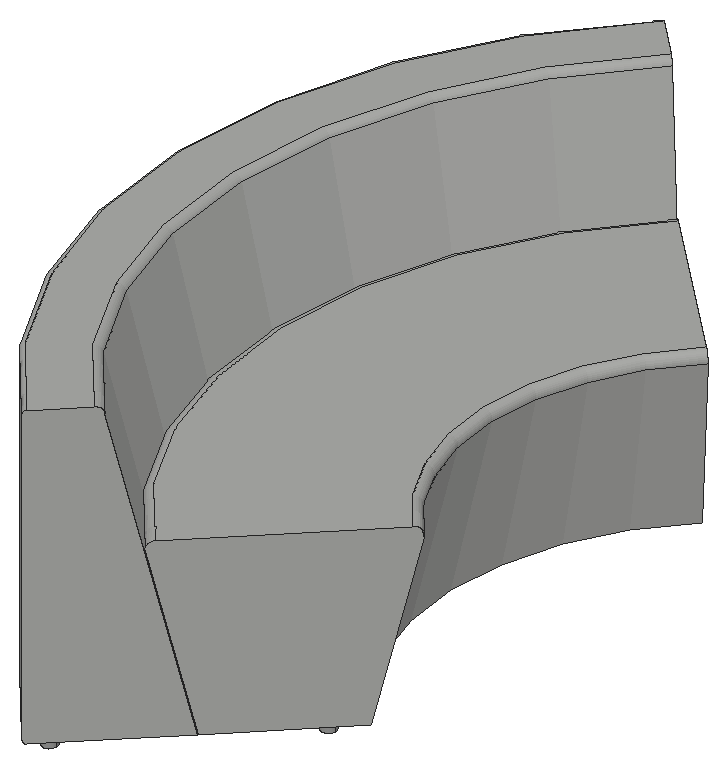
Revit family "Hive 90° Internal Bench, Full Base, No Screen", category Furniture, Revit 2020
Family settings
  OmniClass Number = 23.40.20.00
  OmniClass Title = General Furniture and Specialties
  Work Plane-Based = No
  Always vertical = Yes
  Cut with Voids When Loaded = No
  Shared = No
  Room Calculation Point = No
Parameters
  UK Secondary Seat Count = 2
  UK Primary Seat Count = 2
  Seat Upholstery [instance] = Fabric, Unspecified
  Seat Top Upholstery [instance] = Fabric, Unspecified
  Power Module Seat Right Front [instance] = no
  Power Module Seat Left Front [instance] = no
  Plug = Palmer Hamilton Black Plastic
  Plate = Palmer Hamilton Alum
  OffsetRight [instance] = 0' - 2"
  OffsetLeft [instance] = 0' - 2"
  No Legs [instance] = not(Legs)  # yes
  Model = "SHF9E"
  Legs [instance] = no
  Leg [instance] = Palmer Hamilton - Aluminum
  Joint [instance] = Palmer Hamilton - Aluminum
  HS Seat Count = 2
  ES Seat Count = 2
  Default Elevation = 0' - 0"
  Cost = 2
  Back Upholstery [instance] = Fabric, Unspecified
  Back Top Upholstery [instance] = Fabric, Unspecified
Reference planes (in)
  plane 1 "Center Front/Back": y = 0
  plane 2: z = 0
  plane 3 "Center Left/Right": x = 0
  plane 4 "LegLeftOffset": y = 0
  plane 5: z = 1.25
  plane 6: z = 9.1875
  plane 7: z = 17
  plane 8: z = 28
  plane 9: through (0, 0, 48) normal (-0.7071, -0.7071, 0)
  plane 10: through (0, 0, 48) normal (0.7071, -0.7071, 0)
  plane 11: through (0.70711, 3.53553, 48) normal (0.7071, -0.7071, 0)
  plane 12: through (2.12132, -4.94975, 48) normal (-0.7071, -0.7071, 0)
Forms (in)
  Extrusion 1, solid, material "Palmer Hamilton - Aluminum", visible <- "Legs"
    sketch origin (0, 0, 0) x (0.707107, 0.707107, 0) y (-0.707107, 0.707107, 0)
      loop
        circle (-34.38098, 34.38098) r 0.625
      loop
        circle (-17.39928, 17.39928) r 0.625
    from 0.25 to 12
  Extrusion 2, solid, material "pH Black Plastic", visible <- "Legs"
    sketch origin (0, 0, 0) x (0.707107, 0.707107, 0) y (-0.707107, 0.707107, 0)
      loop
        circle (-34.38098, 34.38098) r 0.75
      loop
        circle (-17.39928, 17.39928) r 0.75
    from 0 to 0.25
  Revolve 3, solid, material "Fabric, Unspecified" <- "Seat Upholstery", visible <- "Legs"
    sketch origin (0, 0, 0) x (0.707107, 0.707107, 0) y (0, 0, 1)
      loop
        line (-23.21653, 17) -> (-41.36543, 17)
        arc (-41.36543, 17) -> (-41.95776, 16.71005) -> (-42.0921, 16.0644) r 0.75
        line (-42.0921, 16.0644) -> (-40.33567, 9.1875) -> (-22.84153, 9.1875)
        arc (-22.84153, 9.1875) -> (-22.57637, 9.29733) -> (-22.46653, 9.5625) r 0.375
        line (-22.46653, 9.5625) -> (-22.46653, 16.25)
        arc (-22.46653, 16.25) -> (-22.6862, 16.78033) -> (-23.21653, 17) r 0.75
      axis (0, 17) -> (0, 9.1875)
    angle from 90 to 0
  Revolve 4, solid, material "Fabric, Unspecified" <- "Seat Upholstery", visible <- "No Legs"
    sketch origin (0, 0, 0) x (1, 0, 0) y (0, 0, 1)
      loop
        arc (-41.37139, 17) -> (-41.9624, 16.71175) -> (-42.09912, 16.06856) r 0.75
        line (-42.09912, 16.06856) -> (-38.40443, 1.25) -> (-26.1848, 1.25) -> (-22.49012, 16.06856)
        arc (-22.49012, 16.06856) -> (-22.62683, 16.71175) -> (-23.21784, 17) r 0.75
        line (-23.21784, 17) -> (-41.37139, 17)
      axis (0, 17) -> (0, 1.25)
    angle from 45 to -45
  Revolve 5, solid, material "Fabric, Unspecified" <- "Back Upholstery", visible <- "Legs"
    sketch origin (0, 0, 0) x (1, 0, 0) y (0, 0, 1)
      loop
        line (-45.65992, 28) -> (-50.4124, 28)
        arc (-50.4124, 28) -> (-50.67757, 27.89017) -> (-50.7874, 27.625) r 0.375
        line (-50.7874, 27.625) -> (-50.7874, 9.5625)
        arc (-50.7874, 9.5625) -> (-50.67757, 9.29733) -> (-50.4124, 9.1875) r 0.375
        line (-50.4124, 9.1875) -> (-40.38348, 9.1875) -> (-44.9322, 27.43144)
        arc (-44.9322, 27.43144) -> (-45.19818, 27.84101) -> (-45.65992, 28) r 0.75
      axis (0, 28) -> (0, 9.1875)
    angle from -45 to 45
  Revolve 6, solid, material "Fabric, Unspecified" <- "Back Upholstery", visible <- "No Legs"
    sketch origin (0, 0, 0) x (1, 0, 0) y (0, 0, 1)
      loop
        line (-45.65992, 28) -> (-50.4124, 28)
        arc (-50.4124, 28) -> (-50.67757, 27.89017) -> (-50.7874, 27.625) r 0.375
        line (-50.7874, 27.625) -> (-50.7874, 1.625)
        arc (-50.7874, 1.625) -> (-50.67757, 1.35983) -> (-50.4124, 1.25) r 0.375
        line (-50.4124, 1.25) -> (-38.40443, 1.25) -> (-44.9322, 27.43144)
        arc (-44.9322, 27.43144) -> (-45.19818, 27.84101) -> (-45.65992, 28) r 0.75
      axis (0, 28) -> (0, 1.25)
    angle from -45 to 45
  Extrusion 7, solid, material "pH Black Plastic", visible <- "No Legs"
    sketch origin (0, 0, 0) x (0.707107, 0.707107, 0) y (-0.707107, 0.707107, 0)
      loop
        circle (-34.38098, 34.38098) r 0.75
      loop
        circle (-20.45999, 20.45999) r 0.75
    from 0 to 1.25
  Extrusion 8, solid, material "Palmer Hamilton Alum" <- "Plate", visible <- "Power Module Seat Right Front"
    sketch origin (-22.83574, 22.83574, 9.1875) x (-0.707107, 0.707107, 0) y (0, 0, 1)
      loop
        line (0.875, 3.25) -> (-0.875, 3.25)
        arc (-0.875, 3.25) -> (-1.14017, 3.14017) -> (-1.25, 2.875) r 0.375
        line (-1.25, 2.875) -> (-1.25, -2.875)
        arc (-1.25, -2.875) -> (-1.14017, -3.14017) -> (-0.875, -3.25) r 0.375
        line (-0.875, -3.25) -> (0.875, -3.25)
        arc (0.875, -3.25) -> (1.14017, -3.14017) -> (1.25, -2.875) r 0.375
        line (1.25, -2.875) -> (1.25, 2.875)
        arc (1.25, 2.875) -> (1.14017, 3.14017) -> (0.875, 3.25) r 0.375
    from 0 to 0.0598
  Blend 9, solid, material "Palmer Hamilton Black Plastic" <- "Plug", visible <- "Power Module Seat Right Front"
    base sketch origin (-22.83574, 22.83574, 9.1875) x (-0.707107, 0.707107, 0) y (0, 0, 1)
      loop
        line (-0.535, 1.788) -> (-0.535, 0.718) -> (0.535, 0.718) -> (0.535, 1.788) -> (-0.535, 1.788)
    top sketch origin (-22.83574, 22.83574, 9.1875) x (-0.707107, 0.707107, 0) y (0, 0, 1)
      loop
        line (-0.46894, 1.72894) -> (-0.46894, 0.78406) -> (0.47594, 0.78406) -> (0.47594, 1.72894) -> (-0.46894, 1.72894)
    from 0.0598 to 0.1378
  Blend 10, solid, material "Palmer Hamilton Black Plastic" <- "Plug", visible <- "Power Module Seat Right Front"
    base sketch origin (-22.83574, 22.83574, 9.1875) x (-0.707107, 0.707107, 0) y (0, 0, 1)
      loop
        line (-0.535, -1.788) -> (0.535, -1.788) -> (0.535, -0.718) -> (-0.535, -0.718) -> (-0.535, -1.788)
    top sketch origin (-22.83574, 22.83574, 9.1875) x (-0.707107, 0.707107, 0) y (0, 0, 1)
      loop
        line (-0.46894, -1.72894) -> (0.47594, -1.72894) -> (0.47594, -0.78406) -> (-0.46894, -0.78406) -> (-0.46894, -1.72894)
    from 0.0598 to 0.1378
  Extrusion 11, solid, material "Palmer Hamilton Black Plastic" <- "Plug", visible <- "Power Module Seat Right Front"
    sketch origin (-22.83574, 22.83574, 9.1875) x (-0.707107, 0.707107, 0) y (0, 0, 1)
      loop
        line (-0.288, 0.2665) -> (-0.288, -0.2665) -> (0.288, -0.2665) -> (0.288, 0.2665) -> (-0.288, 0.2665)
      loop
        line (-0.18864, 0.20185) -> (-0.18864, -0.20575) -> (-0.06116, -0.20575) -> (-0.06116, 0.20185) -> (-0.18864, 0.20185)
      loop
        line (0.06115, 0.20185) -> (0.06115, -0.20575) -> (0.18863, -0.20575) -> (0.18863, 0.20185) -> (0.06115, 0.20185)
    from 0.0598 to 0.11052
  Extrusion 12, void
    sketch origin (-22.83574, 22.83574, 9.1875) x (-0.707107, 0.707107, 0) y (0, 0, 1)
      loop
        arc (-0.1165, 1.49056) -> (0.0035, 1.37056) -> (0.1235, 1.49056) r 0.12
        line (0.1235, 1.49056) -> (0.1235, 1.61056) -> (-0.1165, 1.61056) -> (-0.1165, 1.49056)
      loop
        line (-0.30278, 1.19556) -> (-0.30278, 0.84957) -> (-0.18628, 0.84957) -> (-0.18628, 1.19556) -> (-0.30278, 1.19556)
      loop
        line (0.19722, 1.16331) -> (0.19722, 0.88182) -> (0.31372, 0.88182) -> (0.31372, 1.16331) -> (0.19722, 1.16331)
    from 0.0598 to 0.1378
  Extrusion 13, void
    sketch origin (-22.83574, 22.83574, 9.1875) x (-0.707107, 0.707107, 0) y (0, 0, 1)
      loop
        line (-0.1165, -1.49056) -> (-0.1165, -1.61056) -> (0.1235, -1.61056) -> (0.1235, -1.49056)
        arc (0.1235, -1.49056) -> (0.0035, -1.37056) -> (-0.1165, -1.49056) r 0.12
      loop
        line (-0.30278, -1.19556) -> (-0.18628, -1.19556) -> (-0.18628, -0.84957) -> (-0.30278, -0.84957) -> (-0.30278, -1.19556)
      loop
        line (0.19722, -1.16331) -> (0.31372, -1.16331) -> (0.31372, -0.88182) -> (0.19722, -0.88182) -> (0.19722, -1.16331)
    from 0.0598 to 0.1378
  Extrusion 14, solid, material "Palmer Hamilton Alum" <- "Plate", not visible
    sketch origin (7.98653, 21.60823, 0) x (1, 0, 0) y (0, 1, 0)
      loop
        line (0.875, 3.25) -> (-0.875, 3.25)
        arc (-0.875, 3.25) -> (-1.14017, 3.14017) -> (-1.25, 2.875) r 0.375
        line (-1.25, 2.875) -> (-1.25, -2.875)
        arc (-1.25, -2.875) -> (-1.14017, -3.14017) -> (-0.875, -3.25) r 0.375
        line (-0.875, -3.25) -> (0.875, -3.25)
        arc (0.875, -3.25) -> (1.14017, -3.14017) -> (1.25, -2.875) r 0.375
        line (1.25, -2.875) -> (1.25, 2.875)
        arc (1.25, 2.875) -> (1.14017, 3.14017) -> (0.875, 3.25) r 0.375
    from 0 to 0.0598
  Blend 15, solid, material "Palmer Hamilton Black Plastic" <- "Plug", not visible
    base sketch origin (7.98653, 21.60823, 0) x (1, 0, 0) y (0, 1, 0)
      loop
        line (-0.535, 1.788) -> (-0.535, 0.718) -> (0.535, 0.718) -> (0.535, 1.788) -> (-0.535, 1.788)
    top sketch origin (7.98653, 21.60823, 0) x (1, 0, 0) y (0, 1, 0)
      loop
        line (-0.46894, 1.72894) -> (-0.46894, 0.78406) -> (0.47594, 0.78406) -> (0.47594, 1.72894) -> (-0.46894, 1.72894)
    from 0.0598 to 0.1378
  Blend 16, solid, material "Palmer Hamilton Black Plastic" <- "Plug", not visible
    base sketch origin (7.98653, 21.60823, 0) x (1, 0, 0) y (0, 1, 0)
      loop
        line (-0.535, -1.788) -> (0.535, -1.788) -> (0.535, -0.718) -> (-0.535, -0.718) -> (-0.535, -1.788)
    top sketch origin (7.98653, 21.60823, 0) x (1, 0, 0) y (0, 1, 0)
      loop
        line (-0.46894, -1.72894) -> (0.47594, -1.72894) -> (0.47594, -0.78406) -> (-0.46894, -0.78406) -> (-0.46894, -1.72894)
    from 0.0598 to 0.1378
  Extrusion 17, solid, material "Palmer Hamilton Black Plastic" <- "Plug", not visible
    sketch origin (7.98653, 21.60823, 0) x (1, 0, 0) y (0, 1, 0)
      loop
        line (-0.288, 0.2665) -> (-0.288, -0.2665) -> (0.288, -0.2665) -> (0.288, 0.2665) -> (-0.288, 0.2665)
      loop
        line (-0.18864, 0.20185) -> (-0.18864, -0.20575) -> (-0.06116, -0.20575) -> (-0.06116, 0.20185) -> (-0.18864, 0.20185)
      loop
        line (0.06115, 0.20185) -> (0.06115, -0.20575) -> (0.18863, -0.20575) -> (0.18863, 0.20185) -> (0.06115, 0.20185)
    from 0.0598 to 0.11052
  Extrusion 18, void, not visible
    sketch origin (7.98653, 21.60823, 0) x (1, 0, 0) y (0, 1, 0)
      loop
        arc (-0.1165, 1.49056) -> (0.0035, 1.37056) -> (0.1235, 1.49056) r 0.12
        line (0.1235, 1.49056) -> (0.1235, 1.61056) -> (-0.1165, 1.61056) -> (-0.1165, 1.49056)
      loop
        line (-0.30278, 1.19556) -> (-0.30278, 0.84957) -> (-0.18628, 0.84957) -> (-0.18628, 1.19556) -> (-0.30278, 1.19556)
      loop
        line (0.19722, 1.16331) -> (0.19722, 0.88182) -> (0.31372, 0.88182) -> (0.31372, 1.16331) -> (0.19722, 1.16331)
    from 0.0598 to 0.1378
  Extrusion 19, void, not visible
    sketch origin (7.98653, 21.60823, 0) x (1, 0, 0) y (0, 1, 0)
      loop
        line (-0.1165, -1.49056) -> (-0.1165, -1.61056) -> (0.1235, -1.61056) -> (0.1235, -1.49056)
        arc (0.1235, -1.49056) -> (0.0035, -1.37056) -> (-0.1165, -1.49056) r 0.12
      loop
        line (-0.30278, -1.19556) -> (-0.18628, -1.19556) -> (-0.18628, -0.84957) -> (-0.30278, -0.84957) -> (-0.30278, -1.19556)
      loop
        line (0.19722, -1.16331) -> (0.31372, -1.16331) -> (0.31372, -0.88182) -> (0.19722, -0.88182) -> (0.19722, -1.16331)
    from 0.0598 to 0.1378
  Extrusion 20, solid, material "Palmer Hamilton Alum" <- "Plate", visible <- "Power Module Seat Left Front"
    sketch origin (-22.83574, -22.83574, 9.1875) x (0.707107, 0.707107, 0) y (0, 0, 1)
      loop
        line (0.875, 3.25) -> (-0.875, 3.25)
        arc (-0.875, 3.25) -> (-1.14017, 3.14017) -> (-1.25, 2.875) r 0.375
        line (-1.25, 2.875) -> (-1.25, -2.875)
        arc (-1.25, -2.875) -> (-1.14017, -3.14017) -> (-0.875, -3.25) r 0.375
        line (-0.875, -3.25) -> (0.875, -3.25)
        arc (0.875, -3.25) -> (1.14017, -3.14017) -> (1.25, -2.875) r 0.375
        line (1.25, -2.875) -> (1.25, 2.875)
        arc (1.25, 2.875) -> (1.14017, 3.14017) -> (0.875, 3.25) r 0.375
    from 0 to 0.0598
  Blend 21, solid, material "Palmer Hamilton Black Plastic" <- "Plug", visible <- "Power Module Seat Left Front"
    base sketch origin (-22.83574, -22.83574, 9.1875) x (0.707107, 0.707107, 0) y (0, 0, 1)
      loop
        line (-0.535, 1.788) -> (-0.535, 0.718) -> (0.535, 0.718) -> (0.535, 1.788) -> (-0.535, 1.788)
    top sketch origin (-22.83574, -22.83574, 9.1875) x (0.707107, 0.707107, 0) y (0, 0, 1)
      loop
        line (-0.46894, 1.72894) -> (-0.46894, 0.78406) -> (0.47594, 0.78406) -> (0.47594, 1.72894) -> (-0.46894, 1.72894)
    from 0.0598 to 0.1378
  Blend 22, solid, material "Palmer Hamilton Black Plastic" <- "Plug", visible <- "Power Module Seat Left Front"
    base sketch origin (-22.83574, -22.83574, 9.1875) x (0.707107, 0.707107, 0) y (0, 0, 1)
      loop
        line (-0.535, -1.788) -> (0.535, -1.788) -> (0.535, -0.718) -> (-0.535, -0.718) -> (-0.535, -1.788)
    top sketch origin (-22.83574, -22.83574, 9.1875) x (0.707107, 0.707107, 0) y (0, 0, 1)
      loop
        line (-0.46894, -1.72894) -> (0.47594, -1.72894) -> (0.47594, -0.78406) -> (-0.46894, -0.78406) -> (-0.46894, -1.72894)
    from 0.0598 to 0.1378
  Extrusion 23, solid, material "Palmer Hamilton Black Plastic" <- "Plug", visible <- "Power Module Seat Left Front"
    sketch origin (-22.83574, -22.83574, 9.1875) x (0.707107, 0.707107, 0) y (0, 0, 1)
      loop
        line (-0.288, 0.2665) -> (-0.288, -0.2665) -> (0.288, -0.2665) -> (0.288, 0.2665) -> (-0.288, 0.2665)
      loop
        line (-0.18864, 0.20185) -> (-0.18864, -0.20575) -> (-0.06116, -0.20575) -> (-0.06116, 0.20185) -> (-0.18864, 0.20185)
      loop
        line (0.06115, 0.20185) -> (0.06115, -0.20575) -> (0.18863, -0.20575) -> (0.18863, 0.20185) -> (0.06115, 0.20185)
    from 0.0598 to 0.11052
  Extrusion 24, void
    sketch origin (-22.83574, -22.83574, 9.1875) x (0.707107, 0.707107, 0) y (0, 0, 1)
      loop
        arc (-0.1165, 1.49056) -> (0.0035, 1.37056) -> (0.1235, 1.49056) r 0.12
        line (0.1235, 1.49056) -> (0.1235, 1.61056) -> (-0.1165, 1.61056) -> (-0.1165, 1.49056)
      loop
        line (-0.30278, 1.19556) -> (-0.30278, 0.84957) -> (-0.18628, 0.84957) -> (-0.18628, 1.19556) -> (-0.30278, 1.19556)
      loop
        line (0.19722, 1.16331) -> (0.19722, 0.88182) -> (0.31372, 0.88182) -> (0.31372, 1.16331) -> (0.19722, 1.16331)
    from 0.0598 to 0.1378
  Extrusion 25, void
    sketch origin (-22.83574, -22.83574, 9.1875) x (0.707107, 0.707107, 0) y (0, 0, 1)
      loop
        line (-0.1165, -1.49056) -> (-0.1165, -1.61056) -> (0.1235, -1.61056) -> (0.1235, -1.49056)
        arc (0.1235, -1.49056) -> (0.0035, -1.37056) -> (-0.1165, -1.49056) r 0.12
      loop
        line (-0.30278, -1.19556) -> (-0.18628, -1.19556) -> (-0.18628, -0.84957) -> (-0.30278, -0.84957) -> (-0.30278, -1.19556)
      loop
        line (0.19722, -1.16331) -> (0.31372, -1.16331) -> (0.31372, -0.88182) -> (0.19722, -0.88182) -> (0.19722, -1.16331)
    from 0.0598 to 0.1378
  Extrusion 26, solid, material "Palmer Hamilton - Aluminum", visible <- "Legs"
    sketch origin (-1.41421, -1.41421, 0) x (1, 0, 0) y (0, 1, 0)
      loop
        circle (-17.4303, 17.4303) r 0.625
      loop
        circle (-34.38098, 34.38098) r 0.625
    from 0.25 to 12
  Extrusion 27, solid, material "pH Black Plastic", visible <- "Legs"
    sketch origin (-1.41421, -1.41421, 0) x (1, 0, 0) y (0, 1, 0)
      loop
        circle (-17.4303, 17.4303) r 0.75
      loop
        circle (-34.38098, 34.38098) r 0.75
    from 0 to 0.25
  Extrusion 28, solid, material "pH Black Plastic", visible <- "No Legs"
    sketch origin (-1.41421, -1.41421, 0) x (1, 0, 0) y (0, 1, 0)
      loop
        circle (-34.38098, 34.38098) r 0.625
      loop
        circle (-20.47695, 20.47695) r 0.625
    from 0 to 1.25
  Extrusion 29, solid, material "Palmer Hamilton - Aluminum", visible <- "Legs"
    sketch origin (-1.41421, 1.41421, 0) x (1, 0, 0) y (0, 1, 0)
      loop
        circle (-34.38098, -34.38098) r 0.625
      loop
        circle (-17.4303, -17.4303) r 0.625
    from 0.25 to 12
  Extrusion 30, solid, material "pH Black Plastic", visible <- "Legs"
    sketch origin (-1.41421, 1.41421, 0) x (1, 0, 0) y (0, 1, 0)
      loop
        circle (-34.38098, -34.38098) r 0.75
      loop
        circle (-17.4303, -17.4303) r 0.75
    from 0 to 0.25
  Extrusion 31, solid, material "pH Black Plastic", visible <- "No Legs"
    sketch origin (-1.41421, 1.41421, 0) x (1, 0, 0) y (0, 1, 0)
      loop
        circle (-20.47695, -20.47695) r 0.625
      loop
        circle (-34.38098, -34.38098) r 0.625
    from 0 to 1.25
Cuts and joins
  Extrusion 24 cuts Extrusion 8
  Extrusion 24 cuts Blend 9
  Extrusion 24 cuts Extrusion 20
  Extrusion 24 cuts Blend 21
  Extrusion 25 cuts Blend 10
  Extrusion 25 cuts Blend 22
Dimensions and locks (in)
  plane 4 "LegLeftOffset" to plane 1 "Center Front/Back" = 0' - 0"
  Extrusion 1 sketch curve to Extrusion 1 sketch curve to plane 3 "Center Left/Right" = 2' - 0.01575" locked, 2' - 0.6063" locked
  Extrusion 7 sketch curve to Extrusion 7 sketch curve to plane 3 "Center Left/Right" = 1' - 7.68725" locked, 2' - 4.9348" locked
  Extrusion 2 sketch curve to Extrusion 2 sketch curve to plane 3 "Center Left/Right" = 2' - 0.01575" locked, 2' - 0.6063" locked
  Extrusion 29 sketch curve to Extrusion 29 sketch curve to plane 9 = 1' - 11.97189" locked, 2' - 0.65016" locked
  Extrusion 30 sketch curve to Extrusion 30 sketch curve to plane 9 = 1' - 11.97189" locked, 2' - 0.65016" locked
  "OffsetRight": plane 12 to plane 9
  Extrusion 31 sketch curve to Extrusion 31 sketch curve to plane 9 = 1' - 7.66327" locked, 2' - 4.95878" locked
  Extrusion 28 sketch curve to Extrusion 28 sketch curve to plane 10 = 1' - 7.66327" locked, 2' - 4.95878" locked
  "OffsetLeft": plane 11 to plane 10
  Extrusion 27 sketch curve to Extrusion 27 sketch curve to plane 10 = 1' - 11.97189" locked, 2' - 0.65016" locked
  Extrusion 26 sketch curve to Extrusion 26 sketch curve to plane 10 = 1' - 11.97189" locked, 2' - 0.65016" locked
  aligned and locked: level to plane 2
Automatic sketch dimensions
  plane 1 "Center Front/Back" to Extrusion 1 sketch curve = 0' - 0"  (x2)
  plane 1 "Center Front/Back" to Extrusion 2 sketch curve = 0' - 0"  (x2)
  Revolve 3 sketch curve to plane 7 = 0' - 0"
  Revolve 3 sketch curve to plane 6 = 0' - 0"
  Revolve 3 sketch curve to plane 9 = 0' - 0"
  Revolve 3 sketch curve to plane 7 = 0' - 0 3/4"
  plane 9 to Revolve 3 sketch curve = 1' - 10.46653"
  Revolve 3 sketch curve to Revolve 3 sketch curve = 0' - 0 3/8"
  Revolve 3 sketch curve to Revolve 3 sketch curve = 1' - 5.49414"
  Revolve 3 sketch curve to Revolve 3 sketch curve = 0' - 1.02976"
  Revolve 3 sketch curve to plane 7 = 0' - 0.9356"
  Revolve 3 sketch curve to Revolve 3 sketch curve = 0' - 0.72667"
  Revolve 3 sketch curve to level = 2' - 0"
  plane 8 to Revolve 3 sketch curve = 5' - 7.33184"
  Revolve 5 sketch curve to plane 8 = 0' - 0"
  Revolve 5 sketch curve to plane 6 = 0' - 0"
  Revolve 5 sketch curve to plane 3 "Center Left/Right" = 0' - 0"
  Revolve 5 sketch curve to plane 3 "Center Left/Right" = 3' - 4.38348"
  Revolve 5 sketch curve to plane 8 = 0' - 0.56856"
  Revolve 5 sketch curve to Revolve 5 sketch curve = 0' - 4.54873"
  Revolve 5 sketch curve to Revolve 5 sketch curve = 0' - 0.72772"
  Revolve 5 sketch curve to Revolve 5 sketch curve = 0' - 10.02893"
  Revolve 5 sketch curve to plane 8 = 0' - 0 3/8"
  Revolve 5 sketch curve to Revolve 5 sketch curve = 0' - 4.75248"
  Revolve 5 sketch curve to level = 2' - 0"
  plane 8 to Revolve 5 sketch curve = 5' - 7.33184"
  Revolve 6 sketch curve to plane 8 = 0' - 0"
  Revolve 6 sketch curve to plane 5 = 0' - 0"
  Revolve 6 sketch curve to plane 3 "Center Left/Right" = 0' - 0"
  Revolve 6 sketch curve to plane 3 "Center Left/Right" = 3' - 2.40443"
  Revolve 6 sketch curve to plane 8 = 0' - 0.56856"
  Revolve 6 sketch curve to Revolve 6 sketch curve = 0' - 6.52777"
  Revolve 6 sketch curve to Revolve 6 sketch curve = 0' - 0.72772"
  Revolve 6 sketch curve to Revolve 6 sketch curve = 1' - 0.00797"
  Revolve 6 sketch curve to plane 8 = 0' - 0 3/8"
  Revolve 6 sketch curve to Revolve 6 sketch curve = 0' - 4.75248"
  Revolve 6 sketch curve to level = 2' - 0"
  plane 8 to Revolve 6 sketch curve = 5' - 7.33184"
  plane 1 "Center Front/Back" to Extrusion 7 sketch curve = 0' - 0"  (x2)
  plane 6 to Extrusion 8 sketch curve = 0' - 2 7/8"
  Extrusion 8 sketch curve to plane 11 = 2' - 5.04462"
  Extrusion 8 sketch curve to Extrusion 8 sketch curve = 0' - 0 3/8"  (x3)
  Extrusion 8 sketch curve to Extrusion 8 sketch curve = 0' - 1 3/4"  (x2)
  Extrusion 8 sketch curve to plane 6 = 0' - 2 7/8"
  plane 6 to Blend 9 sketch curve = 0' - 0.718"
  Blend 9 sketch curve to plane 11 = 2' - 5.75962"
  Blend 9 sketch curve to Blend 9 sketch curve = 0' - 1.07"  (x2)
  plane 6 to Blend 9 sketch curve = 0' - 0.78406"
  Blend 9 sketch curve to plane 11 = 2' - 5.82568"
  Blend 9 sketch curve to Blend 9 sketch curve = 0' - 0.94488"  (x2)
  Blend 10 sketch curve to plane 6 = 0' - 0.718"
  Blend 10 sketch curve to plane 11 = 2' - 5.75962"
  Blend 10 sketch curve to Blend 10 sketch curve = 0' - 1.07"  (x2)
  Blend 10 sketch curve to plane 6 = 0' - 0.78406"
  Blend 10 sketch curve to plane 11 = 2' - 5.82568"
  Blend 10 sketch curve to Blend 10 sketch curve = 0' - 0.94488"  (x2)
  Extrusion 11 sketch curve to plane 6 = 0' - 0.2665"
  Extrusion 11 sketch curve to plane 11 = 2' - 6.00662"
  Extrusion 11 sketch curve to Extrusion 11 sketch curve = 0' - 0.09936"
  Extrusion 11 sketch curve to Extrusion 11 sketch curve = 0' - 0.12748"  (x2)
  Extrusion 11 sketch curve to Extrusion 11 sketch curve = 0' - 0.1223"
  Extrusion 11 sketch curve to Extrusion 11 sketch curve = 0' - 0.09937"
  Extrusion 11 sketch curve to Extrusion 11 sketch curve = 0' - 0.06075"
  Extrusion 11 sketch curve to Extrusion 11 sketch curve = 0' - 0"  (x2)
  plane 6 to Extrusion 11 sketch curve = 0' - 0.20185"
  Extrusion 11 sketch curve to Extrusion 11 sketch curve = 0' - 0.06465"
  plane 6 to Extrusion 12 sketch curve = 0' - 0.84957"
  Extrusion 12 sketch curve to plane 11 = 2' - 5.99184"
  Extrusion 12 sketch curve to Extrusion 12 sketch curve = 0' - 0.1165"  (x2)
  Extrusion 12 sketch curve to Extrusion 12 sketch curve = 0' - 0.06978"
  Extrusion 12 sketch curve to Extrusion 12 sketch curve = 0' - 0.12"  (x2)
  Extrusion 12 sketch curve to Extrusion 12 sketch curve = 0' - 0.07372"
  Extrusion 12 sketch curve to Extrusion 12 sketch curve = 0' - 0.03224"
  Extrusion 12 sketch curve to Extrusion 12 sketch curve = 0' - 0.2815"
  Extrusion 12 sketch curve to Extrusion 12 sketch curve = 0' - 0.34598"
  Extrusion 12 sketch curve to Extrusion 12 sketch curve = 0' - 0.295"
  Extrusion 13 sketch curve to plane 6 = 0' - 0.84957"
  Extrusion 13 sketch curve to plane 11 = 2' - 5.99184"
  Extrusion 13 sketch curve to Extrusion 13 sketch curve = 0' - 0.1165"  (x2)
  Extrusion 13 sketch curve to Extrusion 13 sketch curve = 0' - 0.06978"
  Extrusion 13 sketch curve to Extrusion 13 sketch curve = 0' - 0.12"  (x2)
  Extrusion 13 sketch curve to Extrusion 13 sketch curve = 0' - 0.07372"
  Extrusion 13 sketch curve to Extrusion 13 sketch curve = 0' - 0.03224"
  Extrusion 13 sketch curve to Extrusion 13 sketch curve = 0' - 0.2815"
  Extrusion 13 sketch curve to Extrusion 13 sketch curve = 0' - 0.34598"
  Extrusion 13 sketch curve to Extrusion 13 sketch curve = 0' - 0.295"
  plane 6 to Extrusion 20 sketch curve = 0' - 2 7/8"
  plane 9 to Extrusion 20 sketch curve = 2' - 9.54462"
  Extrusion 20 sketch curve to Extrusion 20 sketch curve = 0' - 0 3/8"  (x3)
  Extrusion 20 sketch curve to Extrusion 20 sketch curve = 0' - 1 3/4"  (x2)
  Extrusion 20 sketch curve to plane 6 = 0' - 2 7/8"
  plane 6 to Blend 21 sketch curve = 0' - 0.718"
  plane 9 to Blend 21 sketch curve = 2' - 8.82962"
  Blend 21 sketch curve to Blend 21 sketch curve = 0' - 1.07"  (x2)
  plane 6 to Blend 21 sketch curve = 0' - 0.78406"
  plane 9 to Blend 21 sketch curve = 2' - 8.76356"
  Blend 21 sketch curve to Blend 21 sketch curve = 0' - 0.94488"  (x2)
  Blend 22 sketch curve to plane 6 = 0' - 0.718"
  plane 9 to Blend 22 sketch curve = 2' - 8.82962"
  Blend 22 sketch curve to Blend 22 sketch curve = 0' - 1.07"  (x2)
  Blend 22 sketch curve to plane 6 = 0' - 0.78406"
  plane 9 to Blend 22 sketch curve = 2' - 8.76356"
  Blend 22 sketch curve to Blend 22 sketch curve = 0' - 0.94488"  (x2)
  Extrusion 23 sketch curve to plane 6 = 0' - 0.2665"
  plane 9 to Extrusion 23 sketch curve = 2' - 8.58262"
  Extrusion 23 sketch curve to Extrusion 23 sketch curve = 0' - 0.09936"
  Extrusion 23 sketch curve to Extrusion 23 sketch curve = 0' - 0.12748"  (x2)
  Extrusion 23 sketch curve to Extrusion 23 sketch curve = 0' - 0.1223"
  Extrusion 23 sketch curve to Extrusion 23 sketch curve = 0' - 0.09937"
  Extrusion 23 sketch curve to Extrusion 23 sketch curve = 0' - 0.06075"
  Extrusion 23 sketch curve to Extrusion 23 sketch curve = 0' - 0"  (x2)
  plane 6 to Extrusion 23 sketch curve = 0' - 0.20185"
  Extrusion 23 sketch curve to Extrusion 23 sketch curve = 0' - 0.06465"
  plane 6 to Extrusion 24 sketch curve = 0' - 0.84957"
  plane 9 to Extrusion 24 sketch curve = 2' - 8.59739"
  Extrusion 24 sketch curve to Extrusion 24 sketch curve = 0' - 0.1165"  (x2)
  Extrusion 24 sketch curve to Extrusion 24 sketch curve = 0' - 0.06978"
  Extrusion 24 sketch curve to Extrusion 24 sketch curve = 0' - 0.12"  (x2)
  Extrusion 24 sketch curve to Extrusion 24 sketch curve = 0' - 0.07372"
  Extrusion 24 sketch curve to Extrusion 24 sketch curve = 0' - 0.03224"
  Extrusion 24 sketch curve to Extrusion 24 sketch curve = 0' - 0.2815"
  Extrusion 24 sketch curve to Extrusion 24 sketch curve = 0' - 0.34598"
  Extrusion 24 sketch curve to Extrusion 24 sketch curve = 0' - 0.295"
  Extrusion 25 sketch curve to plane 6 = 0' - 0.84957"
  plane 9 to Extrusion 25 sketch curve = 2' - 8.59739"
  Extrusion 25 sketch curve to Extrusion 25 sketch curve = 0' - 0.1165"  (x2)
  Extrusion 25 sketch curve to Extrusion 25 sketch curve = 0' - 0.06978"
  Extrusion 25 sketch curve to Extrusion 25 sketch curve = 0' - 0.12"  (x2)
  Extrusion 25 sketch curve to Extrusion 25 sketch curve = 0' - 0.07372"
  Extrusion 25 sketch curve to Extrusion 25 sketch curve = 0' - 0.03224"
  Extrusion 25 sketch curve to Extrusion 25 sketch curve = 0' - 0.2815"
  Extrusion 25 sketch curve to Extrusion 25 sketch curve = 0' - 0.34598"
  Extrusion 25 sketch curve to Extrusion 25 sketch curve = 0' - 0.295"
  plane 11 to Extrusion 29 sketch curve = 0' - 0"  (x2)
  plane 11 to Extrusion 30 sketch curve = 0' - 0"  (x2)
  plane 11 to Extrusion 31 sketch curve = 0' - 0"  (x2)
  plane 12 to Extrusion 28 sketch curve = 0' - 0"  (x2)
  plane 12 to Extrusion 27 sketch curve = 0' - 0"  (x2)
  plane 12 to Extrusion 26 sketch curve = 0' - 0"  (x2)
  Revolve 4 sketch curve to plane 7 = 0' - 0"
  Revolve 4 sketch curve to plane 5 = 0' - 0"
  Revolve 4 sketch curve to plane 3 "Center Left/Right" = 0' - 0"
  Revolve 4 sketch curve to plane 7 = 0' - 0.93144"  (x2)
  Revolve 4 sketch curve to plane 3 "Center Left/Right" = 1' - 10.49012"
  Revolve 4 sketch curve to Revolve 4 sketch curve = 0' - 0.72772"  (x2)
  Revolve 4 sketch curve to Revolve 4 sketch curve = 0' - 3.69468"
  Revolve 4 sketch curve to Revolve 4 sketch curve = 1' - 0.21963"
  Revolve 4 sketch curve to Revolve 4 sketch curve = 0' - 2.96696"
  Revolve 4 sketch curve to level = 2' - 0"
  plane 8 to Revolve 4 sketch curve = 5' - 7.33184"
  radius of Extrusion 1 sketch curve = 0' - 0 5/8"  (x2)
  radius of Extrusion 2 sketch curve = 0' - 0 3/4"  (x2)
  radius of Extrusion 7 sketch curve = 0' - 0 3/4"  (x2)
  radius of Extrusion 29 sketch curve = 0' - 0 5/8"  (x2)
  radius of Extrusion 30 sketch curve = 0' - 0 3/4"  (x2)
  radius of Extrusion 31 sketch curve = 0' - 0 5/8"  (x2)
  radius of Extrusion 28 sketch curve = 0' - 0 5/8"  (x2)
  radius of Extrusion 27 sketch curve = 0' - 0 3/4"  (x2)
  radius of Extrusion 26 sketch curve = 0' - 0 5/8"  (x2)
